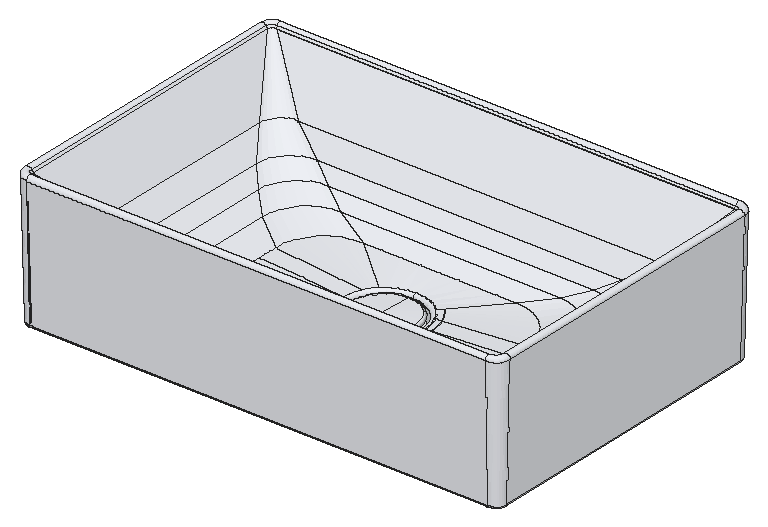
Revit family "URBANE II ABOVE COUNTER BASIN NTH NOF", category Specialty Equipment, host Face, Revit 2019
Family settings
  Host = Face
  Round Connector Dimension = Use Radius
  Part Type = Normal
  OmniClass Number = 23.45.05.14.14
  OmniClass Title = Sinks/Lavatories
  Cut with Voids When Loaded = Yes
  Shared = No
  Room Calculation Point = No
Parameters (values of type "URBANE II ABOVE COUNTER BASIN NTH NOF")
  URL = "https://www.caroma.com.au/"
  Model = "878400W"
  Material_Base = GWA-Porcelain-White
  Manufacturer = "GWA Bathrooms & Kitchens"  # constant formula
  Description = "URBANE II ABOVE COUNTER BASIN NTH NOF"
  Default Elevation = 900 mm
  CreatedBy_ANZRS = "GWA Bathrooms & Kitchens"  # constant formula
  Assembly Code = "D2010400"
Reference planes
  plane 1 "Center (Front/Back)": y = 0
  plane 2: z = 0
  plane 3 "Center (Left/Right)": x = 0
Forms (mm)
  Sweep 1, solid, material "GWA-Porcelain-White" <- "Material_Base"
    path origin (0, 0, 0) x (1, 0, 0) y (0, 1, 0)
      loop
        arc (235.924, -164.865) -> (245.823, -160.765) -> (249.924, -150.865) r 14
        line (249.924, -150.865) -> (249.924, 150.867)
        arc (249.924, 150.867) -> (245.823, 160.766) -> (235.924, 164.867) r 14
        line (235.924, 164.867) -> (-235.926, 164.867)
        arc (-235.926, 164.867) -> (-245.825, 160.766) -> (-249.926, 150.867) r 14
        line (-249.926, 150.867) -> (-249.926, -150.865)
        arc (-249.926, -150.865) -> (-245.825, -160.765) -> (-235.926, -164.865) r 14
        line (-235.926, -164.865) -> (235.924, -164.865)
    profile origin (-0.001, -164.865, 0) x (0, -1, 0) y (0, 0, 1)
      loop
        line (-4.943, 135.882) -> (-8.667, 0) -> (-4.638, 0)
        arc (-4.638, 0) -> (-3.941, 0.283) -> (-3.639, 0.973) r 1
        line (-3.639, 0.973) -> (0.058, 135.882)
        arc (0.058, 135.882) -> (-2.857, 139.905) -> (-7.476, 138.077) r 4.05
        line (-7.476, 138.077) -> (-8.773, 135.882) -> (-4.943, 135.882)
  Revolve 2, solid, material "GWA-Porcelain-White" <- "Material_Base"
    sketch origin (0, 0, 80) x (0, 1, 0) y (0, 0, 1)
      loop
        line (37.793, -58.515) -> (37, -72) -> (22, -87) -> (22, -127) -> (32.5, -127) -> (32.5, -91.349) -> (47.247, -76.602) -> (48.533, -54.75) -> (41.786, -54.75)
        arc (41.786, -54.75) -> (39.042, -55.84) -> (37.793, -58.515) r 4
      axis (0, -54.75) -> (0, -127)
    angle from 0 to 360
  Revolve 3, solid, material "GWA-Porcelain-White" <- "Material_Base"
    sketch origin (0, 0, 80) x (0, 1, 0) y (0, 0, 1)
      loop
        arc (31.747, -54.685) -> (15.896, -53.421) -> (0, -53) r 300
        line (0, -53) -> (0, -59.5) -> (20, -59.5) -> (21, -63) -> (28, -63) -> (28.079, -61.5) -> (32.581, -59.21)
        arc (32.581, -59.21) -> (33.854, -56.636) -> (31.747, -54.685) r 2.4
      axis (0, -53) -> (0, -63)
    angle from 0 to 360
  Blend 4, solid, material "GWA-Porcelain-White" <- "Material_Base"
    base sketch origin (0, 1000, 0) x (1, 0, 0) y (0, 1, 0)
      loop
        line (171.042, -878.014) -> (-171.042, -878.014)
        arc (-171.042, -878.014) -> (-195.791, -888.265) -> (-206.042, -913.014) r 35
        line (-206.042, -913.014) -> (-206.042, -1000) -> (-191.733, -1000) -> (-191.733, -925.779)
        arc (-191.733, -925.779) -> (-181.481, -901.03) -> (-156.733, -890.779) r 35
        line (-156.733, -890.779) -> (156.733, -890.779)
        arc (156.733, -890.779) -> (181.481, -901.03) -> (191.733, -925.779) r 35
        line (191.733, -925.779) -> (191.733, -1000) -> (206.042, -1000) -> (206.042, -913.014)
        arc (206.042, -913.014) -> (195.791, -888.265) -> (171.042, -878.014) r 35
    top sketch origin (0, 1000, 0) x (1, 0, 0) y (0, 1, 0)
      loop
        line (194.713, -866.211) -> (-194.713, -866.211)
        arc (-194.713, -866.211) -> (-214.158, -874.266) -> (-222.213, -893.711) r 27.5
        line (-222.213, -893.711) -> (-222.213, -1000) -> (-209.227, -1000) -> (-209.227, -900.08)
        arc (-209.227, -900.08) -> (-202.637, -884.17) -> (-186.727, -877.58) r 22.5
        line (-186.727, -877.58) -> (186.727, -877.58)
        arc (186.727, -877.58) -> (202.637, -884.17) -> (209.227, -900.08) r 22.5
        line (209.227, -900.08) -> (209.227, -1000) -> (222.213, -1000) -> (222.213, -893.711)
        arc (222.213, -893.711) -> (214.158, -874.266) -> (194.713, -866.211) r 27.5
    from 63 to 83
  Blend 5, solid, material "GWA-Porcelain-White" <- "Material_Base"
    base sketch origin (0, 2000, 0) x (1, 0, 0) y (0, 1, 0)
      loop
        line (153.737, -1886.893) -> (-153.737, -1886.893)
        arc (-153.737, -1886.893) -> (-182.021, -1898.609) -> (-193.737, -1926.893) r 40
        line (-193.737, -1926.893) -> (-193.737, -2000) -> (-176.923, -2000) -> (-176.923, -1941.242)
        arc (-176.923, -1941.242) -> (-165.208, -1912.958) -> (-136.923, -1901.242) r 40
        line (-136.923, -1901.242) -> (136.923, -1901.242)
        arc (136.923, -1901.242) -> (165.208, -1912.958) -> (176.923, -1941.242) r 40
        line (176.923, -1941.242) -> (176.923, -2000) -> (193.737, -2000) -> (193.737, -1926.893)
        arc (193.737, -1926.893) -> (182.021, -1898.609) -> (153.737, -1886.893) r 40
    top sketch origin (0, 2000, 0) x (1, 0, 0) y (0, 1, 0)
      loop
        line (171.042, -1878.014) -> (-171.042, -1878.014)
        arc (-171.042, -1878.014) -> (-195.791, -1888.265) -> (-206.042, -1913.014) r 35
        line (-206.042, -1913.014) -> (-206.042, -2000) -> (-191.733, -2000) -> (-191.733, -1925.779)
        arc (-191.733, -1925.779) -> (-181.481, -1901.03) -> (-156.733, -1890.779) r 35
        line (-156.733, -1890.779) -> (156.733, -1890.779)
        arc (156.733, -1890.779) -> (181.481, -1901.03) -> (191.733, -1925.779) r 35
        line (191.733, -1925.779) -> (191.733, -2000) -> (206.042, -2000) -> (206.042, -1913.014)
        arc (206.042, -1913.014) -> (195.791, -1888.265) -> (171.042, -1878.014) r 35
    from 51 to 63
  Blend 6, solid, material "GWA-Porcelain-White" <- "Material_Base"
    base sketch origin (0, 3000, 0) x (1, 0, 0) y (0, 1, 0)
      loop
        line (135.569, -2897.216) -> (-135.569, -2897.216)
        arc (-135.569, -2897.216) -> (-167.389, -2910.397) -> (-180.569, -2942.216) r 45
        line (-180.569, -2942.216) -> (-180.569, -3000) -> (-158.132, -3000) -> (-158.132, -2959.846)
        arc (-158.132, -2959.846) -> (-144.952, -2928.026) -> (-113.132, -2914.846) r 45
        line (-113.132, -2914.846) -> (113.132, -2914.846)
        arc (113.132, -2914.846) -> (144.952, -2928.026) -> (158.132, -2959.846) r 45
        line (158.132, -2959.846) -> (158.132, -3000) -> (180.569, -3000) -> (180.569, -2942.216)
        arc (180.569, -2942.216) -> (167.389, -2910.397) -> (135.569, -2897.216) r 45
    top sketch origin (0, 3000, 0) x (1, 0, 0) y (0, 1, 0)
      loop
        line (153.737, -2886.893) -> (-153.737, -2886.893)
        arc (-153.737, -2886.893) -> (-182.021, -2898.609) -> (-193.737, -2926.893) r 40
        line (-193.737, -2926.893) -> (-193.737, -3000) -> (-176.923, -3000) -> (-176.923, -2941.242)
        arc (-176.923, -2941.242) -> (-165.208, -2912.958) -> (-136.923, -2901.242) r 40
        line (-136.923, -2901.242) -> (136.923, -2901.242)
        arc (136.923, -2901.242) -> (165.208, -2912.958) -> (176.923, -2941.242) r 40
        line (176.923, -2941.242) -> (176.923, -3000) -> (193.737, -3000) -> (193.737, -2926.893)
        arc (193.737, -2926.893) -> (182.021, -2898.609) -> (153.737, -2886.893) r 40
    from 41 to 51
  Blend 7, solid, material "GWA-Porcelain-White" <- "Material_Base"
    base sketch origin (0, 4000, 0) x (1, 0, 0) y (0, 1, 0)
      loop
        line (110.867, -3908.107) -> (-110.867, -3908.107)
        arc (-110.867, -3908.107) -> (-146.222, -3922.751) -> (-160.867, -3958.107) r 50
        line (-160.867, -3958.107) -> (-160.867, -4000) -> (-128.838, -4000) -> (-128.838, -3978.817)
        arc (-128.838, -3978.817) -> (-114.193, -3943.461) -> (-78.838, -3928.817) r 50
        line (-78.838, -3928.817) -> (78.838, -3928.817)
        arc (78.838, -3928.817) -> (114.193, -3943.461) -> (128.838, -3978.817) r 50
        line (128.838, -3978.817) -> (128.838, -4000) -> (160.867, -4000) -> (160.867, -3958.107)
        arc (160.867, -3958.107) -> (146.222, -3922.751) -> (110.867, -3908.107) r 50
    top sketch origin (0, 4000, 0) x (1, 0, 0) y (0, 1, 0)
      loop
        line (135.569, -3897.216) -> (-135.569, -3897.216)
        arc (-135.569, -3897.216) -> (-167.389, -3910.397) -> (-180.569, -3942.216) r 45
        line (-180.569, -3942.216) -> (-180.569, -4000) -> (-158.132, -4000) -> (-158.132, -3959.846)
        arc (-158.132, -3959.846) -> (-144.952, -3928.026) -> (-113.132, -3914.846) r 45
        line (-113.132, -3914.846) -> (113.132, -3914.846)
        arc (113.132, -3914.846) -> (144.952, -3928.026) -> (158.132, -3959.846) r 45
        line (158.132, -3959.846) -> (158.132, -4000) -> (180.569, -4000) -> (180.569, -3942.216)
        arc (180.569, -3942.216) -> (167.389, -3910.397) -> (135.569, -3897.216) r 45
    from 31 to 41
  Blend 8, solid, material "GWA-Porcelain-White" <- "Material_Base"
    base sketch origin (0, 0, 0) x (1, 0, 0) y (0, 1, 0)
      loop
        arc (-209.227, 99.92) -> (-202.637, 115.83) -> (-186.727, 122.42) r 22.5
        line (-186.727, 122.42) -> (186.727, 122.42)
        arc (186.727, 122.42) -> (202.637, 115.83) -> (209.227, 99.92) r 22.5
        line (209.227, 99.92) -> (209.227, 0) -> (222.213, 0) -> (222.213, 106.289)
        arc (222.213, 106.289) -> (214.158, 125.734) -> (194.713, 133.789) r 27.5
        line (194.713, 133.789) -> (-194.713, 133.789)
        arc (-194.713, 133.789) -> (-214.158, 125.734) -> (-222.213, 106.289) r 27.5
        line (-222.213, 106.289) -> (-222.213, 0) -> (-209.227, 0) -> (-209.227, 99.92)
    top sketch origin (0, 0, 0) x (1, 0, 0) y (0, 1, 0)
      loop
        line (-244.982, 150.867) -> (-244.982, 0) -> (-241.153, 0) -> (-241.153, 150.867)
        arc (-241.153, 150.867) -> (-239.622, 154.563) -> (-235.926, 156.094) r 5.227
        line (-235.926, 156.094) -> (235.924, 156.094)
        arc (235.924, 156.094) -> (239.62, 154.563) -> (241.151, 150.867) r 5.227
        line (241.151, 150.867) -> (241.151, 0) -> (244.98, 0) -> (244.98, 150.867)
        arc (244.98, 150.867) -> (242.327, 157.27) -> (235.924, 159.922) r 9.056
        line (235.924, 159.922) -> (-235.926, 159.922)
        arc (-235.926, 159.922) -> (-242.329, 157.27) -> (-244.982, 150.867) r 9.056
    from 83 to 135.882
  Blend 9, solid, material "GWA-Porcelain-White" <- "Material_Base"
    base sketch origin (0, 0, 0) x (1, 0, 0) y (0, 1, 0)
      loop
        line (41.5, 0) -> (48.5, 0)
        arc (48.5, 0) -> (47.267, 10.868) -> (43.629, 21.183) r 48.5
        arc (43.629, 21.183) -> (39.51, 28.129) -> (34.295, 34.295) r 48.5
        arc (34.295, 34.295) -> (0, 48.5) -> (-34.295, 34.295) r 48.5
        arc (-34.295, 34.295) -> (-39.51, 28.129) -> (-43.629, 21.183) r 48.5
        arc (-43.629, 21.183) -> (-47.267, 10.868) -> (-48.5, 0) r 48.5
        line (-48.5, 0) -> (-41.5, 0)
        arc (-41.5, 0) -> (-40.445, 9.299) -> (-37.332, 18.126) r 41.5
        arc (-37.332, 18.126) -> (-33.807, 24.069) -> (-29.345, 29.345) r 41.5
        arc (-29.345, 29.345) -> (0, 41.5) -> (29.345, 29.345) r 41.5
        arc (29.345, 29.345) -> (33.807, 24.069) -> (37.332, 18.126) r 41.5
        arc (37.332, 18.126) -> (40.445, 9.299) -> (41.5, 0) r 41.5
    top sketch origin (0, 0, 0) x (1, 0, 0) y (0, 1, 0)
      loop
        line (128.838, 21.183) -> (128.838, 0) -> (160.867, 0) -> (160.867, 41.893)
        arc (160.867, 41.893) -> (146.222, 77.249) -> (110.867, 91.893) r 50
        line (110.867, 91.893) -> (-110.867, 91.893)
        arc (-110.867, 91.893) -> (-146.222, 77.249) -> (-160.867, 41.893) r 50
        line (-160.867, 41.893) -> (-160.867, 0) -> (-128.838, 0) -> (-128.838, 21.183)
        arc (-128.838, 21.183) -> (-114.193, 56.539) -> (-78.838, 71.183) r 50
        line (-78.838, 71.183) -> (78.838, 71.183)
        arc (78.838, 71.183) -> (114.193, 56.539) -> (128.838, 21.183) r 50
    from 25.2 to 31
  Blend 10, solid, material "GWA-Porcelain-White" <- "Material_Base"
    base sketch origin (0, -2000, 0) x (1, 0, 0) y (0, 1, 0)
      loop
        arc (153.737, 1886.893) -> (182.021, 1898.609) -> (193.737, 1926.893) r 40
        line (193.737, 1926.893) -> (193.737, 2000) -> (176.923, 2000) -> (176.923, 1941.242)
        arc (176.923, 1941.242) -> (165.208, 1912.958) -> (136.923, 1901.242) r 40
        line (136.923, 1901.242) -> (-136.923, 1901.242)
        arc (-136.923, 1901.242) -> (-165.208, 1912.958) -> (-176.923, 1941.242) r 40
        line (-176.923, 1941.242) -> (-176.923, 2000) -> (-193.737, 2000) -> (-193.737, 1926.893)
        arc (-193.737, 1926.893) -> (-182.021, 1898.609) -> (-153.737, 1886.893) r 40
        line (-153.737, 1886.893) -> (153.737, 1886.893)
    top sketch origin (0, -2000, 0) x (1, 0, 0) y (0, 1, 0)
      loop
        arc (171.042, 1878.014) -> (195.791, 1888.265) -> (206.042, 1913.014) r 35
        line (206.042, 1913.014) -> (206.042, 2000) -> (191.733, 2000) -> (191.733, 1925.779)
        arc (191.733, 1925.779) -> (181.481, 1901.03) -> (156.733, 1890.779) r 35
        line (156.733, 1890.779) -> (-156.733, 1890.779)
        arc (-156.733, 1890.779) -> (-181.481, 1901.03) -> (-191.733, 1925.779) r 35
        line (-191.733, 1925.779) -> (-191.733, 2000) -> (-206.042, 2000) -> (-206.042, 1913.014)
        arc (-206.042, 1913.014) -> (-195.791, 1888.265) -> (-171.042, 1878.014) r 35
        line (-171.042, 1878.014) -> (171.042, 1878.014)
    from 51 to 63
  Blend 11, solid, material "GWA-Porcelain-White" <- "Material_Base"
    base sketch origin (0, -4000, 0) x (1, 0, 0) y (0, 1, 0)
      loop
        arc (110.867, 3908.107) -> (146.222, 3922.751) -> (160.867, 3958.107) r 50
        line (160.867, 3958.107) -> (160.867, 4000) -> (128.838, 4000) -> (128.838, 3978.817)
        arc (128.838, 3978.817) -> (114.193, 3943.461) -> (78.838, 3928.817) r 50
        line (78.838, 3928.817) -> (-78.838, 3928.817)
        arc (-78.838, 3928.817) -> (-114.193, 3943.461) -> (-128.838, 3978.817) r 50
        line (-128.838, 3978.817) -> (-128.838, 4000) -> (-160.867, 4000) -> (-160.867, 3958.107)
        arc (-160.867, 3958.107) -> (-146.222, 3922.751) -> (-110.867, 3908.107) r 50
        line (-110.867, 3908.107) -> (110.867, 3908.107)
    top sketch origin (0, -4000, 0) x (1, 0, 0) y (0, 1, 0)
      loop
        arc (135.569, 3897.216) -> (167.389, 3910.397) -> (180.569, 3942.216) r 45
        line (180.569, 3942.216) -> (180.569, 4000) -> (158.132, 4000) -> (158.132, 3959.846)
        arc (158.132, 3959.846) -> (144.952, 3928.026) -> (113.132, 3914.846) r 45
        line (113.132, 3914.846) -> (-113.132, 3914.846)
        arc (-113.132, 3914.846) -> (-144.952, 3928.026) -> (-158.132, 3959.846) r 45
        line (-158.132, 3959.846) -> (-158.132, 4000) -> (-180.569, 4000) -> (-180.569, 3942.216)
        arc (-180.569, 3942.216) -> (-167.389, 3910.397) -> (-135.569, 3897.216) r 45
        line (-135.569, 3897.216) -> (135.569, 3897.216)
    from 31 to 41
  Blend 12, solid, material "GWA-Porcelain-White" <- "Material_Base"
    base sketch origin (0, 0, 0) x (1, 0, 0) y (0, 1, 0)
      loop
        line (-209.227, -99.92) -> (-209.227, 0) -> (-222.213, 0) -> (-222.213, -106.289)
        arc (-222.213, -106.289) -> (-214.158, -125.734) -> (-194.713, -133.789) r 27.5
        line (-194.713, -133.789) -> (194.713, -133.789)
        arc (194.713, -133.789) -> (214.158, -125.734) -> (222.213, -106.289) r 27.5
        line (222.213, -106.289) -> (222.213, 0) -> (209.227, 0) -> (209.227, -99.92)
        arc (209.227, -99.92) -> (202.637, -115.83) -> (186.727, -122.42) r 22.5
        line (186.727, -122.42) -> (-186.727, -122.42)
        arc (-186.727, -122.42) -> (-202.637, -115.83) -> (-209.227, -99.92) r 22.5
    top sketch origin (0, 0, 0) x (1, 0, 0) y (0, 1, 0)
      loop
        arc (-244.982, -150.867) -> (-242.329, -157.27) -> (-235.926, -159.922) r 9.056
        line (-235.926, -159.922) -> (235.924, -159.922)
        arc (235.924, -159.922) -> (242.327, -157.27) -> (244.98, -150.867) r 9.056
        line (244.98, -150.867) -> (244.98, 0) -> (241.151, 0) -> (241.151, -150.867)
        arc (241.151, -150.867) -> (239.62, -154.563) -> (235.924, -156.094) r 5.227
        line (235.924, -156.094) -> (-235.926, -156.094)
        arc (-235.926, -156.094) -> (-239.622, -154.563) -> (-241.153, -150.867) r 5.227
        line (-241.153, -150.867) -> (-241.153, 0) -> (-244.982, 0) -> (-244.982, -150.867)
    from 83 to 135.9
  Blend 13, solid, material "GWA-Porcelain-White" <- "Material_Base"
    base sketch origin (0, 0, 0) x (1, 0, 0) y (0, 1, 0)
      loop
        arc (41.5, 0) -> (40.445, -9.299) -> (37.332, -18.126) r 41.5
        arc (37.332, -18.126) -> (33.807, -24.069) -> (29.345, -29.345) r 41.5
        arc (29.345, -29.345) -> (0, -41.5) -> (-29.345, -29.345) r 41.5
        arc (-29.345, -29.345) -> (-33.807, -24.069) -> (-37.332, -18.126) r 41.5
        arc (-37.332, -18.126) -> (-40.445, -9.299) -> (-41.5, 0) r 41.5
        line (-41.5, 0) -> (-48.5, 0)
        arc (-48.5, 0) -> (-47.267, -10.868) -> (-43.629, -21.183) r 48.5
        arc (-43.629, -21.183) -> (-39.51, -28.129) -> (-34.295, -34.295) r 48.5
        arc (-34.295, -34.295) -> (0, -48.5) -> (34.295, -34.295) r 48.5
        arc (34.295, -34.295) -> (39.51, -28.129) -> (43.629, -21.183) r 48.5
        arc (43.629, -21.183) -> (47.267, -10.868) -> (48.5, 0) r 48.5
        line (48.5, 0) -> (41.5, 0)
    top sketch origin (0, 0, 0) x (1, 0, 0) y (0, 1, 0)
      loop
        arc (128.838, -21.183) -> (114.193, -56.539) -> (78.838, -71.183) r 50
        line (78.838, -71.183) -> (-78.838, -71.183)
        arc (-78.838, -71.183) -> (-114.193, -56.539) -> (-128.838, -21.183) r 50
        line (-128.838, -21.183) -> (-128.838, 0) -> (-160.867, 0) -> (-160.867, -41.893)
        arc (-160.867, -41.893) -> (-146.222, -77.249) -> (-110.867, -91.893) r 50
        line (-110.867, -91.893) -> (110.867, -91.893)
        arc (110.867, -91.893) -> (146.222, -77.249) -> (160.867, -41.893) r 50
        line (160.867, -41.893) -> (160.867, 0) -> (128.838, 0) -> (128.838, -21.183)
    from 25.2 to 31
  Blend 14, solid, material "GWA-Porcelain-White" <- "Material_Base"
    base sketch origin (0, -1000, 0) x (1, 0, 0) y (0, 1, 0)
      loop
        arc (171.042, 878.014) -> (195.791, 888.265) -> (206.042, 913.014) r 35
        line (206.042, 913.014) -> (206.042, 1000) -> (191.733, 1000) -> (191.733, 925.779)
        arc (191.733, 925.779) -> (181.481, 901.03) -> (156.733, 890.779) r 35
        line (156.733, 890.779) -> (-156.733, 890.779)
        arc (-156.733, 890.779) -> (-181.481, 901.03) -> (-191.733, 925.779) r 35
        line (-191.733, 925.779) -> (-191.733, 1000) -> (-206.042, 1000) -> (-206.042, 913.014)
        arc (-206.042, 913.014) -> (-195.791, 888.265) -> (-171.042, 878.014) r 35
        line (-171.042, 878.014) -> (171.042, 878.014)
    top sketch origin (0, -1000, 0) x (1, 0, 0) y (0, 1, 0)
      loop
        arc (194.713, 866.211) -> (214.158, 874.266) -> (222.213, 893.711) r 27.5
        line (222.213, 893.711) -> (222.213, 1000) -> (209.227, 1000) -> (209.227, 900.08)
        arc (209.227, 900.08) -> (202.637, 884.17) -> (186.727, 877.58) r 22.5
        line (186.727, 877.58) -> (-186.727, 877.58)
        arc (-186.727, 877.58) -> (-202.637, 884.17) -> (-209.227, 900.08) r 22.5
        line (-209.227, 900.08) -> (-209.227, 1000) -> (-222.213, 1000) -> (-222.213, 893.711)
        arc (-222.213, 893.711) -> (-214.158, 874.266) -> (-194.713, 866.211) r 27.5
        line (-194.713, 866.211) -> (194.713, 866.211)
    from 63 to 83
  Blend 15, solid, material "GWA-Porcelain-White" <- "Material_Base"
    base sketch origin (0, -3000, 0) x (1, 0, 0) y (0, 1, 0)
      loop
        arc (135.569, 2897.216) -> (167.389, 2910.397) -> (180.569, 2942.216) r 45
        line (180.569, 2942.216) -> (180.569, 3000) -> (158.132, 3000) -> (158.132, 2959.846)
        arc (158.132, 2959.846) -> (144.952, 2928.026) -> (113.132, 2914.846) r 45
        line (113.132, 2914.846) -> (-113.132, 2914.846)
        arc (-113.132, 2914.846) -> (-144.952, 2928.026) -> (-158.132, 2959.846) r 45
        line (-158.132, 2959.846) -> (-158.132, 3000) -> (-180.569, 3000) -> (-180.569, 2942.216)
        arc (-180.569, 2942.216) -> (-167.389, 2910.397) -> (-135.569, 2897.216) r 45
        line (-135.569, 2897.216) -> (135.569, 2897.216)
    top sketch origin (0, -3000, 0) x (1, 0, 0) y (0, 1, 0)
      loop
        arc (153.737, 2886.893) -> (182.021, 2898.609) -> (193.737, 2926.893) r 40
        line (193.737, 2926.893) -> (193.737, 3000) -> (176.923, 3000) -> (176.923, 2941.242)
        arc (176.923, 2941.242) -> (165.208, 2912.958) -> (136.923, 2901.242) r 40
        line (136.923, 2901.242) -> (-136.923, 2901.242)
        arc (-136.923, 2901.242) -> (-165.208, 2912.958) -> (-176.923, 2941.242) r 40
        line (-176.923, 2941.242) -> (-176.923, 3000) -> (-193.737, 3000) -> (-193.737, 2926.893)
        arc (-193.737, 2926.893) -> (-182.021, 2898.609) -> (-153.737, 2886.893) r 40
        line (-153.737, 2886.893) -> (153.737, 2886.893)
    from 41 to 51
Cuts and joins
  joined: Blend 4, Blend 5, Blend 6, Blend 7, Blend 8, Blend 9, Blend 10, Blend 11, Blend 12, Blend 13, Blend 14, Blend 15
Lines and regions (mm)
  Masking region 1
    outline origin (0, -1000, 0) x (1, 0, 0) y (0, 1, 0)
      loop
        arc (-235.926, 1164.867) -> (-245.825, 1160.766) -> (-249.926, 1150.867) r 14
        line (-249.926, 1150.867) -> (-249.926, 849.135)
        arc (-249.926, 849.135) -> (-245.825, 839.235) -> (-235.926, 835.135) r 14
        line (-235.926, 835.135) -> (235.926, 835.135)
        arc (235.926, 835.135) -> (245.825, 839.235) -> (249.926, 849.135) r 14
        line (249.926, 849.135) -> (249.926, 1150.867)
        arc (249.926, 1150.867) -> (245.825, 1160.766) -> (235.926, 1164.867) r 14
        line (235.926, 1164.867) -> (-235.926, 1164.867)
  Masking region 2
    outline origin (0, 0, 0) x (0, 1, 0) y (0, 0, 1)
      loop
        line (161.226, 0.973) -> (164.924, 135.886)
        arc (164.924, 135.886) -> (163.785, 138.834) -> (160.876, 140.067) r 4.05
        line (160.876, 140.067) -> (-160.876, 140.067)
        arc (-160.876, 140.067) -> (-163.779, 138.841) -> (-164.924, 135.906) r 4.05
        line (-164.924, 135.906) -> (-161.226, 0.973)
        arc (-161.226, 0.973) -> (-160.924, 0.283) -> (-160.226, 0) r 1
        line (-160.226, 0) -> (160.226, 0)
        arc (160.226, 0) -> (160.924, 0.283) -> (161.226, 0.973) r 1
  Masking region 3
    outline origin (0, 0, 0) x (1, 0, 0) y (0, 0, 1)
      loop
        arc (-246.287, 0.973) -> (-245.985, 0.283) -> (-245.288, 0) r 1
        line (-245.288, 0) -> (245.288, 0)
        arc (245.288, 0) -> (245.985, 0.283) -> (246.287, 0.973) r 1
        line (246.287, 0.973) -> (249.984, 135.855)
        arc (249.984, 135.855) -> (248.824, 138.826) -> (245.885, 140.067) r 4.1
        line (245.885, 140.067) -> (-245.885, 140.067)
        arc (-245.885, 140.067) -> (-248.824, 138.826) -> (-249.984, 135.855) r 4.1
        line (-249.984, 135.855) -> (-246.287, 0.973)
  symbolic lines
    curve 1: line (235.926, -164.865, 0) -> (-235.926, -164.865, 0)
    curve 2: arc (-235.926, -164.865, 0) -> (-245.825, -160.765, 0) -> (-249.926, -150.865, 0) r 14
    curve 3: line (-249.926, -150.865, 0) -> (-249.926, 150.867, 0)
    curve 4: arc (-249.926, 150.867, 0) -> (-245.825, 160.766, 0) -> (-235.926, 164.867, 0) r 14
    curve 5: line (-235.926, 164.867, 0) -> (235.926, 164.867, 0)
    curve 6: line (235.926, -156.865, 0) -> (-235.926, -156.865, 0)
    curve 7: arc (-235.926, -156.865, 0) -> (-240.169, -155.108, 0) -> (-241.926, -150.865, 0) r 6
    curve 8: line (-241.926, -150.865, 0) -> (-241.926, 150.867, 0)
    curve 9: arc (-241.926, 150.867, 0) -> (-240.169, 155.109, 0) -> (-235.926, 156.867, 0) r 6
    curve 10: line (-235.926, 156.867, 0) -> (235.926, 156.867, 0)
    curve 11: arc (235.926, -164.865, 0) -> (245.825, -160.765, 0) -> (249.926, -150.865, 0) r 14
    curve 12: line (249.926, -150.865, 0) -> (249.926, 150.867, 0)
    curve 13: arc (249.926, 150.867, 0) -> (245.825, 160.766, 0) -> (235.926, 164.867, 0) r 14
    curve 14: arc (235.926, -156.865, 0) -> (240.169, -155.108, 0) -> (241.926, -150.865, 0) r 6
    curve 15: line (241.926, -150.865, 0) -> (241.926, 150.867, 0)
    curve 16: arc (241.926, 150.867, 0) -> (240.169, 155.109, 0) -> (235.926, 156.867, 0) r 6
    curve 17: circle (0, 0, 0) r 34 normal (0, 0, 1)
    curve 18: line (0, -160.876, 140.067) -> (0, 160.876, 140.067)
    curve 19: arc (0, 160.876, 140.067) -> (0, 163.785, 138.834) -> (0, 164.924, 135.886) r 4.05
    curve 20: arc (0, -164.924, 135.906) -> (0, -163.779, 138.841) -> (0, -160.876, 140.067) r 4.05
    curve 21: line (-245.885, 0, 140.067) -> (245.885, 0, 140.067)
    curve 22: line (0, 160.226, 0) -> (0, -160.226, 0)
    curve 23: line (0, -161.226, 0.973) -> (0, -164.924, 135.906)
    curve 24: arc (0, -161.226, 0.973) -> (0, -160.924, 0.283) -> (0, -160.226, 0) r 1
    curve 25: line (0, 161.226, 0.973) -> (0, 164.924, 135.886)
    curve 26: arc (0, 161.226, 0.973) -> (0, 160.924, 0.283) -> (0, 160.226, 0) r 1
    curve 27: line (245.288, 0, 0) -> (-245.288, 0, 0)
    curve 28: line (-246.287, 0, 0.973) -> (-249.984, 0, 135.855)
    curve 29: arc (-246.287, 0, 0.973) -> (-245.985, 0, 0.283) -> (-245.288, 0, 0) r 1
    curve 30: line (246.287, 0, 0.973) -> (249.984, 0, 135.855)
    curve 31: arc (246.287, 0, 0.973) -> (245.985, 0, 0.283) -> (245.288, 0, 0) r 1
    curve 32: arc (245.885, 0, 140.067) -> (248.824, 0, 138.826) -> (249.984, 0, 135.855) r 4.1
    curve 33: arc (-249.984, 0, 135.855) -> (-248.824, 0, 138.826) -> (-245.885, 0, 140.067) r 4.1
Dimensions and locks
  aligned and locked: plane 2 to host face
  aligned and locked: level to host face
Connectors
  piping at (0, 0, -47), diameter 60
    settings: on Revolve 2, index 1, connector inside diameter 609.6 mm, connector length 0 mm, flow factor 0, pipe flow 0.0 L/s, pressure drop 0.0 Pa, fitting loss kfactor 0, connector angle 0.00°, fixture units 0, engagement length 0 mm, angle of deflection 0.00°, flow configuration 3, flow direction 2, fitting loss method 0, system type 16, joint type 0, gender type 0, connector reference index -1, connector utility 0, adjustable connector no, is connector primary yes, connector description ""
